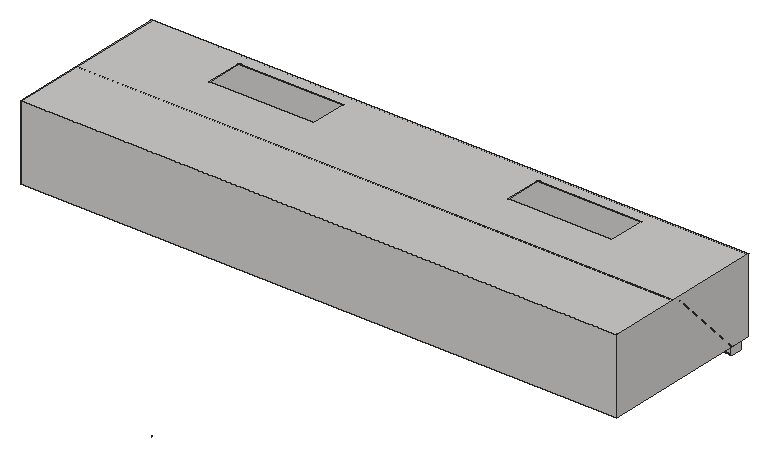
Revit family "QF_ELECTROLUXPROFESSIONAL_642022_EP1140T", category Specialty Equipment, Revit 2014
Reference planes
  plane 1 "Center (Front/Back)": y = 0
  plane 2: z = 0
  plane 3 "Center (Left/Right)": x = 150
  plane 4 "LEFT": x = -1850
  plane 5 "RIGHT": x = 2150
  plane 6 "BACK": y = 550
  plane 7 "FRONT": y = -550
  plane 8 "TOP": z = 2500
  plane 9 "Base": z = 2000
  plane 10: z = 1926
  plane 11 "DrainY": y = 485
  plane 12: x = -1847
  plane 13: through (0, 414.509, 2000.8) normal (0, 0.7314, 0.682)
  plane 14: y = 470
  plane 15: y = 220
  plane 16 "DrainX": x = 2030
  plane 17: x = -500
  plane 18: x = 800
  plane 19: x = -1200
  plane 20: x = 1500
  plane 21: x = 2147
  plane 22: x = 1940
  plane 23: x = 2120
  plane 24: x = -1810
  plane 25: x = -1445
  plane 26: x = -1050
  plane 27: x = 2110
  plane 28: x = 1745
  plane 29: x = 1350
  plane 30: x = -47.5
  plane 31: x = 347.5
Forms (mm)
  Extrusion 1, solid, material "QF_Finishes_Stainless Steel"
    sketch origin (-1850, 0, 360) x (0, 1, 0) y (0, 0, 1)
      loop
        line (550, 1640) -> (550, 2140) -> (-550, 2140) -> (-550, 1640) -> (550, 1640)
    from 0 to 3
  Extrusion 2, solid, material "QF_Finishes_Stainless Steel"
    sketch origin (150, 0, 360) x (0, 1, 0) y (0, 0, 1)
      loop
        line (415.255, 1640) -> (550, 1640) -> (550, 2139.19) -> (549.2, 2139.19) -> (549.2, 1640.8) -> (415.876, 1640.8) -> (339.347, 1722.867) -> (349.609, 1732.436) -> (348.927, 1733.167) -> (337.934, 1722.917) -> (415.255, 1640)
      loop
        line (-82.203, 2139.19) -> (-82.203, 2118.6) -> (-31.047, 2118.6) -> (34.354, 2048.466) -> (46.028, 2059.352) -> (45.346, 2060.083) -> (34.403, 2049.879) -> (-30.612, 2119.6) -> (-81.203, 2119.6) -> (-81.203, 2139.19) -> (-82.203, 2139.19)
    from -1997 to 1997
  Extrusion 3, solid, material "QF_Finishes_Stainless Steel"
    sketch origin (2150, 0, 360) x (0, 1, 0) y (0, 0, 1)
      loop
        line (550, 1640) -> (550, 2140) -> (-550, 2140) -> (-550, 1640) -> (550, 1640)
    from 0 to -3
  Extrusion 4, solid, material "QF_Finishes_Stainless Steel"
    sketch origin (150, 0, 360) x (0, 1, 0) y (0, 0, 1)
      loop
        line (-550, 2140) -> (-550, 1640) -> (-549.2, 1640) -> (-549.2, 2139.19) -> (550, 2139.19) -> (550, 2140) -> (-550, 2140)
    from -2000 to 2000
  Extrusion 5, solid, material "QF_Finishes_Stainless Steel"
    sketch origin (150, 0, 360) x (0, 1, 0) y (0, 0, 1)
      loop
        line (534, 1640) -> (436, 1640) -> (436, 1627) -> (443.5, 1627) -> (443.5, 1576)
        arc (443.5, 1576) -> (446.429, 1568.929) -> (453.5, 1566) r 10
        line (453.5, 1566) -> (516.5, 1566)
        arc (516.5, 1566) -> (523.571, 1568.929) -> (526.5, 1576) r 10
        line (526.5, 1576) -> (526.5, 1627) -> (534, 1627) -> (534, 1640)
    from 1790 to 1970
  Extrusion 6, solid, material "QF_Finishes_Stainless Steel"
    sketch origin (0, 0, 2000) x (0, 1, 0) y (-1, 0, 0)
      loop
        circle (485, -2030) r 20
    from -76 to -74
  Extrusion 7, solid, material "QF_Finished_Chrome"
    sketch origin (150, 0, 360) x (0, 1, 0) y (0, 0, 1)
      loop
        line (337.934, 1722.917) -> (341.591, 1726.327) -> (38.011, 2051.876) -> (34.354, 2048.466) -> (337.934, 1722.917)
    from -1595 to -1960
  Extrusion 8, solid, material "QF_Finished_Chrome"
    sketch origin (150, 0, 360) x (0, 1, 0) y (0, 0, 1)
      loop
        line (337.934, 1722.917) -> (341.591, 1726.327) -> (38.011, 2051.876) -> (34.354, 2048.466) -> (337.934, 1722.917)
    from -197.5 to -1200
  Extrusion 9, solid, material "QF_Finishes_Stainless Steel"
    sketch origin (150, 0, 360) x (0, 1, 0) y (0, 0, 1)
      loop
        line (337.934, 1722.917) -> (341.591, 1726.327) -> (38.011, 2051.876) -> (34.354, 2048.466) -> (337.934, 1722.917)
    from 1997 to 1960
  Extrusion 10, solid, material "QF_Finishes_Stainless Steel"
    sketch origin (150, 0, 360) x (0, 1, 0) y (0, 0, 1)
      loop
        line (341.588, 1726.324) -> (38.009, 2051.874) -> (34.354, 2048.466) -> (337.934, 1722.917) -> (341.588, 1726.324)
    from -1595 to -1200
  Extrusion 11, solid, material "QF_Finished_Chrome"
    sketch origin (150, 0, 360) x (0, 1, 0) y (0, 0, 1)
      loop
        line (341.588, 1726.324) -> (38.009, 2051.874) -> (34.354, 2048.466) -> (337.934, 1722.917) -> (341.588, 1726.324)
    from 1595 to 1960
  Extrusion 12, void
    sketch origin (0, 0, 2500) x (0, 1, 0) y (-1, 0, 0)
      loop
        line (470, 1200) -> (220, 1200) -> (220, 500) -> (470, 500) -> (470, 1200)
    from 0 to -10
  Extrusion 13, void
    sketch origin (940, 0, 2500) x (0, 1, 0) y (-1, 0, 0)
      loop
        line (470, 140) -> (220, 140) -> (220, -560) -> (470, -560) -> (470, 140)
    from 0 to -10
  Extrusion 14, solid, material "QF_Finishes_Stainless Steel"
    sketch origin (0, 0, 0) x (1, 0, 0) y (0, 1, 0)
      loop
        line (-1850, 550) -> (-1850, 549) -> (-1849, 549) -> (-1849, 550) -> (-1850, 550)
    from 0 to 1
  Extrusion 15, solid, material "QF_Finishes_Stainless Steel"
    sketch origin (150, 0, 360) x (0, 1, 0) y (0, 0, 1)
      loop
        line (337.934, 1722.917) -> (341.591, 1726.327) -> (38.011, 2051.876) -> (34.354, 2048.466) -> (337.934, 1722.917)
    from -1960 to -1997
  Extrusion 16, solid, material "QF_Finishes_Stainless Steel"
    sketch origin (150, 0, 360) x (0, 1, 0) y (0, 0, -1)
      loop
        line (341.588, -1726.324) -> (337.934, -1722.917) -> (34.354, -2048.466) -> (38.009, -2051.874) -> (341.588, -1726.324)
    from -1595 to -1200
  Extrusion 17, solid, material "QF_Finished_Chrome"
    sketch origin (150, 0, 360) x (0, 1, 0) y (0, 0, 1)
      loop
        line (337.934, 1722.917) -> (341.591, 1726.327) -> (38.011, 2051.876) -> (34.354, 2048.466) -> (337.934, 1722.917)
    from 1200 to 197.5
  Extrusion 18, solid, material "QF_Finishes_Stainless Steel"
    sketch origin (150, 0, 360) x (0, 1, 0) y (0, 0, -1)
      loop
        line (341.588, -1726.324) -> (337.934, -1722.917) -> (34.354, -2048.466) -> (38.009, -2051.874) -> (341.588, -1726.324)
    from -197.5 to 197.5
Cuts and joins
  Extrusion 12, Extrusion 13 cuts Extrusion 4
  joined: Extrusion 2, Extrusion 4
Lines and regions (mm)
  reference lines
    curve 1: line (150, 34.354, 2408.466) -> (150, 34.354, 2248.466)
  symbolic lines, style "SpecialityEquipment", detail levels coarse
    curve 2: line (2150, 550, 2500) -> (-1850, 550, 2500)
    curve 3: line (-1850, 550, 2500) -> (-1850, -550, 2500)
    curve 4: line (2150, -550, 2500) -> (2150, 550, 2500)
    curve 5: line (-1850, -550, 2500) -> (2150, -550, 2500)
    curve 6: line (-1200, 220, 2500) -> (-500, 220, 2500)
    curve 7: line (-1200, 470, 2500) -> (-1200, 220, 2500)
    curve 8: line (-500, 470, 2500) -> (-1200, 470, 2500)
    curve 9: line (-500, 220, 2500) -> (-500, 470, 2500)
    curve 10: line (800, 470, 2500) -> (800, 220, 2500)
    curve 11: line (800, 220, 2500) -> (1500, 220, 2500)
    curve 12: line (1500, 470, 2500) -> (800, 470, 2500)
    curve 13: line (1500, 220, 2500) -> (1500, 470, 2500)
    curve 14: line (-1850, 550, 0) -> (2150, -550, 0)
    curve 15: line (2150, 550, 0) -> (-1850, -550, 0)
Dimensions and locks
  plane 4 "LEFT" to plane 5 "RIGHT" = 4000 mm
  equal spacing: plane 4 "LEFT", plane 3 "Center (Left/Right)", plane 5 "RIGHT"
  plane 9 "Base" to plane 10 = 74 mm
  plane 6 "BACK" to plane 11 "DrainY" = 65 mm  (x2)
  plane 4 "LEFT" to plane 12 = 3 mm
  plane 6 "BACK" to plane 14 = 80 mm
  plane 14 to plane 15 = 250 mm  (x2)
  plane 16 "DrainX" to plane 5 "RIGHT" = 120 mm
  locked: plane 17 to plane 18 at 1300
  equal spacing: plane 17, plane 3 "Center (Left/Right)", plane 18
  plane 19 to plane 17 = 700 mm
  plane 18 to plane 20 = 700 mm
  plane 21 to plane 5 "RIGHT" = 3 mm
  locked: plane 22 to plane 16 "DrainX" at 90
  locked: plane 16 "DrainX" to plane 23 at 90
  plane 6 "BACK" to plane 7 "FRONT" = 1100 mm  (x2)
  equal spacing: plane 6 "BACK", plane 1 "Center (Front/Back)", plane 7 "FRONT"
  plane 15 to plane 7 "FRONT" = 770 mm
  plane 14 to plane 6 "BACK" = 80 mm
  locked: plane 4 "LEFT" to plane 24 at 40
  locked: plane 24 to plane 25 at 365
  locked: plane 25 to plane 26 at 395
  locked: plane 27 to plane 28 at 365
  locked: plane 28 to plane 29 at 395
  locked: plane 27 to plane 5 "RIGHT" at 40
  locked: plane 30 to plane 31 at 395
  equal spacing: plane 30, plane 3 "Center (Left/Right)", plane 31
  plane 26 to plane 30 = 1002.5 mm
  plane 31 to plane 29 = 1002.5 mm
  locked: plane 9 "Base" to level at 2000
  locked: plane 8 "TOP" to plane 9 "Base" at 500
  aligned and locked: level to plane 2
  aligned and locked: Extrusion 2 to Extrusion 1
  aligned and locked: Extrusion 2 to Extrusion 3
  aligned and locked: plane 5 "RIGHT" to Extrusion 4
  aligned and locked: Extrusion 4 to plane 4 "LEFT"
  aligned and locked: plane 21 to Extrusion 9
  aligned and locked: plane 19 to Extrusion 12
  aligned and locked: Extrusion 12 to plane 17
  aligned and locked: Extrusion 12 to plane 15
  aligned and locked: Extrusion 12 to plane 14
  aligned and locked: Extrusion 13 to plane 20
  aligned and locked: plane 18 to Extrusion 13
  aligned and locked: Extrusion 2 to Extrusion 4
  aligned and locked: plane 23 to Extrusion 5
  aligned and locked: Extrusion 5 to plane 22
  aligned and locked: Extrusion 9 to plane 27
  aligned and locked: Extrusion 11 to plane 27
  aligned and locked: Extrusion 11 to plane 28
  aligned and locked: Extrusion 8 to plane 26
  aligned and locked: plane 26 to Extrusion 10
  aligned and locked: Extrusion 10 to plane 25
  aligned and locked: plane 25 to Extrusion 7
  aligned and locked: Extrusion 7 to plane 24
  aligned and locked: Extrusion 15 to plane 12
  aligned and locked: plane 24 to Extrusion 15
  aligned and locked: Extrusion 16 to plane 29
  aligned and locked: Extrusion 16 to plane 28
  aligned and locked: Extrusion 3 to plane 21
  aligned and locked: plane 30 to Extrusion 8
  aligned and locked: Extrusion 17 to plane 29
  aligned and locked: Extrusion 17 to plane 31
  aligned and locked: plane 31 to Extrusion 18
  aligned and locked: Extrusion 18 to plane 30
Automatic sketch dimensions
  curve 5 to plane 4 "LEFT" = 0 mm
  curve 5 to plane 7 "FRONT" = 0 mm
  curve 9 to plane 15 = 0 mm
  curve 10 to plane 15 = 0 mm
  plane 14 to curve 8 = 0 mm
  plane 14 to curve 12 = 0 mm
  curve 3 to plane 6 "BACK" = 0 mm
  curve 5 to plane 5 "RIGHT" = 0 mm
  curve 11 to plane 20 = 0 mm
  curve 10 to plane 18 = 0 mm
  curve 6 to plane 17 = 0 mm
  curve 6 to plane 19 = 0 mm
  Extrusion 1 sketch curve to plane 9 "Base" = 0 mm
  Extrusion 1 sketch curve to plane 6 "BACK" = 0 mm
  Extrusion 1 sketch curve to plane 8 "TOP" = 0 mm
  Extrusion 2 sketch curve to plane 13 = 0 mm  (x3)
  Extrusion 2 sketch curve to plane 9 "Base" = 0 mm
  plane 13 to Extrusion 2 sketch curve = 0 mm
  Extrusion 2 sketch curve to plane 6 "BACK" = 0 mm
  Extrusion 2 sketch curve to Extrusion 2 sketch curve = 65.646 mm
  Extrusion 2 sketch curve to Extrusion 2 sketch curve = 0.682 mm  (x2)
  Extrusion 2 sketch curve to Extrusion 2 sketch curve = 10.261 mm
  plane 9 "Base" to Extrusion 2 sketch curve = 82.917 mm
  Extrusion 2 sketch curve to plane 1 "Center (Front/Back)" = 46.028 mm
  Extrusion 2 sketch curve to Extrusion 2 sketch curve = 10.942 mm
  Extrusion 2 sketch curve to Extrusion 2 sketch curve = 0.049 mm
  Extrusion 2 sketch curve to plane 8 "TOP" = 20.4 mm
  Extrusion 2 sketch curve to plane 8 "TOP" = 21.4 mm
  Extrusion 2 sketch curve to plane 8 "TOP" = 0.81 mm  (x2)
  Extrusion 2 sketch curve to Extrusion 2 sketch curve = 50.156 mm
  Extrusion 2 sketch curve to Extrusion 2 sketch curve = 1 mm
  plane 9 "Base" to Extrusion 2 sketch curve = 0.8 mm
  Extrusion 2 sketch curve to plane 6 "BACK" = 0.8 mm
  Extrusion 3 sketch curve to plane 9 "Base" = 0 mm
  Extrusion 3 sketch curve to plane 6 "BACK" = 0 mm
  Extrusion 3 sketch curve to plane 8 "TOP" = 0 mm
  Extrusion 4 sketch curve to plane 7 "FRONT" = 0 mm
  Extrusion 4 sketch curve to plane 6 "BACK" = 0 mm
  Extrusion 4 sketch curve to plane 8 "TOP" = 0 mm
  plane 7 "FRONT" to Extrusion 4 sketch curve = 0.8 mm
  Extrusion 4 sketch curve to plane 8 "TOP" = 0.81 mm
  curve 1 to plane 13 = 0 mm
  curve 1 to plane 1 "Center (Front/Back)" = 34.354 mm
  Extrusion 5 sketch curve to plane 9 "Base" = 0 mm
  Extrusion 5 sketch curve to plane 10 = 0 mm
  Extrusion 5 sketch curve to plane 9 "Base" = 13 mm  (x2)
  plane 14 to Extrusion 5 sketch curve = 34 mm
  Extrusion 5 sketch curve to Extrusion 5 sketch curve = 7.5 mm  (x2)
  Extrusion 5 sketch curve to Extrusion 5 sketch curve = 10 mm
  plane 11 "DrainY" to Extrusion 5 sketch curve = 31.5 mm
  Extrusion 5 sketch curve to plane 6 "BACK" = 23.5 mm
  Extrusion 6 sketch curve to plane 11 "DrainY" = 0 mm
  Extrusion 6 sketch curve to plane 16 "DrainX" = 0 mm
  Extrusion 7 sketch curve to plane 13 = 0 mm  (x2)
  Extrusion 7 sketch curve to plane 1 "Center (Front/Back)" = 34.354 mm
  Extrusion 7 sketch curve to Extrusion 7 sketch curve = 3.657 mm
  plane 9 "Base" to Extrusion 7 sketch curve = 82.917 mm
  Extrusion 8 sketch curve to plane 13 = 0 mm  (x2)
  Extrusion 8 sketch curve to plane 1 "Center (Front/Back)" = 34.354 mm
  Extrusion 8 sketch curve to Extrusion 8 sketch curve = 3.657 mm
  plane 9 "Base" to Extrusion 8 sketch curve = 82.917 mm
  Extrusion 9 sketch curve to plane 13 = 0 mm  (x2)
  Extrusion 9 sketch curve to plane 1 "Center (Front/Back)" = 34.354 mm
  Extrusion 9 sketch curve to Extrusion 9 sketch curve = 3.657 mm
  plane 9 "Base" to Extrusion 9 sketch curve = 82.917 mm
  Extrusion 10 sketch curve to plane 13 = 0 mm  (x2)
  Extrusion 10 sketch curve to plane 1 "Center (Front/Back)" = 34.354 mm
  Extrusion 10 sketch curve to Extrusion 10 sketch curve = 3.655 mm
  plane 9 "Base" to Extrusion 10 sketch curve = 82.917 mm
  Extrusion 11 sketch curve to plane 13 = 0 mm  (x2)
  Extrusion 11 sketch curve to plane 1 "Center (Front/Back)" = 34.354 mm
  Extrusion 11 sketch curve to Extrusion 11 sketch curve = 3.655 mm
  plane 9 "Base" to Extrusion 11 sketch curve = 82.917 mm
  Extrusion 12 sketch curve to plane 15 = 0 mm
  plane 14 to Extrusion 12 sketch curve = 0 mm
  Extrusion 12 sketch curve to plane 17 = 0 mm
  Extrusion 12 sketch curve to plane 19 = 0 mm
  Extrusion 13 sketch curve to plane 15 = 0 mm
  plane 14 to Extrusion 13 sketch curve = 0 mm
  Extrusion 13 sketch curve to plane 20 = 0 mm
  Extrusion 13 sketch curve to plane 18 = 0 mm
  Extrusion 14 sketch curve to plane 4 "LEFT" = 0 mm
  Extrusion 14 sketch curve to plane 6 "BACK" = 0 mm
  plane 4 "LEFT" to Extrusion 14 sketch curve = 1 mm
  Extrusion 14 sketch curve to Extrusion 14 sketch curve = 1 mm
  Extrusion 15 sketch curve to plane 13 = 0 mm  (x2)
  Extrusion 15 sketch curve to plane 1 "Center (Front/Back)" = 34.354 mm
  Extrusion 15 sketch curve to Extrusion 15 sketch curve = 3.657 mm
  plane 9 "Base" to Extrusion 15 sketch curve = 82.917 mm
  Extrusion 16 sketch curve to plane 13 = 0 mm  (x2)
  Extrusion 16 sketch curve to plane 1 "Center (Front/Back)" = 34.354 mm
  Extrusion 16 sketch curve to Extrusion 16 sketch curve = 3.655 mm
  plane 9 "Base" to Extrusion 16 sketch curve = 82.917 mm
  Extrusion 17 sketch curve to plane 13 = 0 mm  (x2)
  Extrusion 17 sketch curve to plane 1 "Center (Front/Back)" = 34.354 mm
  Extrusion 17 sketch curve to Extrusion 17 sketch curve = 3.657 mm
  plane 9 "Base" to Extrusion 17 sketch curve = 82.917 mm
  Extrusion 18 sketch curve to plane 13 = 0 mm  (x2)
  Extrusion 18 sketch curve to plane 1 "Center (Front/Back)" = 34.354 mm
  Extrusion 18 sketch curve to Extrusion 18 sketch curve = 3.655 mm
  plane 9 "Base" to Extrusion 18 sketch curve = 82.917 mm
  Extrusion 4 sketch curve to Extrusion 4 sketch curve = 499.19 mm
  curve 1 to curve 1 = 160 mm
  Extrusion 1 sketch curve to plane 7 "FRONT" = 0 mm
  Extrusion 3 sketch curve to plane 7 "FRONT" = 0 mm
  curve 15 to plane 4 "LEFT" = 0 mm
  curve 14 to plane 4 "LEFT" = 0 mm
  curve 15 to plane 5 "RIGHT" = 0 mm
  curve 14 to plane 5 "RIGHT" = 0 mm
  curve 14 to plane 7 "FRONT" = 0 mm
  curve 15 to plane 7 "FRONT" = 0 mm
  curve 15 to plane 6 "BACK" = 0 mm
  curve 14 to plane 6 "BACK" = 0 mm
  radius of Extrusion 6 sketch curve = 20 mm
Connectors
  piping at (2030, 485, 1924), diameter 20
    settings: on Extrusion 6, index 1, connector inside diameter 609.6 mm, connector length 0 mm, flow factor 0, pipe flow 0.0 L/s, pressure drop 0.0 Pa, fitting loss kfactor 0, connector angle 0.00°, fixture units 0, engagement length 0 mm, angle of deflection 0.00°, flow configuration 1, flow direction 2, fitting loss method 0, system type 16, joint type 0, gender type 0, connector reference index -1, connector utility 0, adjustable connector no, is connector primary yes, connector description "Drain"
  hvac at (-850, 345, 2500)
    settings: on Extrusion 12, index 2, duct flow 0.0 L/s, flow factor 0, pres drop 0.0 Pa, loss coef 0, conn angle 0.00°, conn width 250 mm, conn height 700 mm, conn diameter 609.6 mm, duct sys type 3, conn prof type 1, flow config 1, flow direction 0, loss method 0, conn ref index -1, conn util no, is conn primary yes, conn desc "EXHAUST OUTLET"
  hvac at (1150, 345, 2500)
    settings: on Extrusion 13, index 3, duct flow 0.0 L/s, flow factor 0, pres drop 0.0 Pa, loss coef 0, conn angle 0.00°, conn width 250 mm, conn height 700 mm, conn diameter 609.6 mm, duct sys type 3, conn prof type 1, flow config 1, flow direction 0, loss method 0, conn ref index -1, conn util no, is conn primary no, conn desc "EXHAUST OUTLET"
